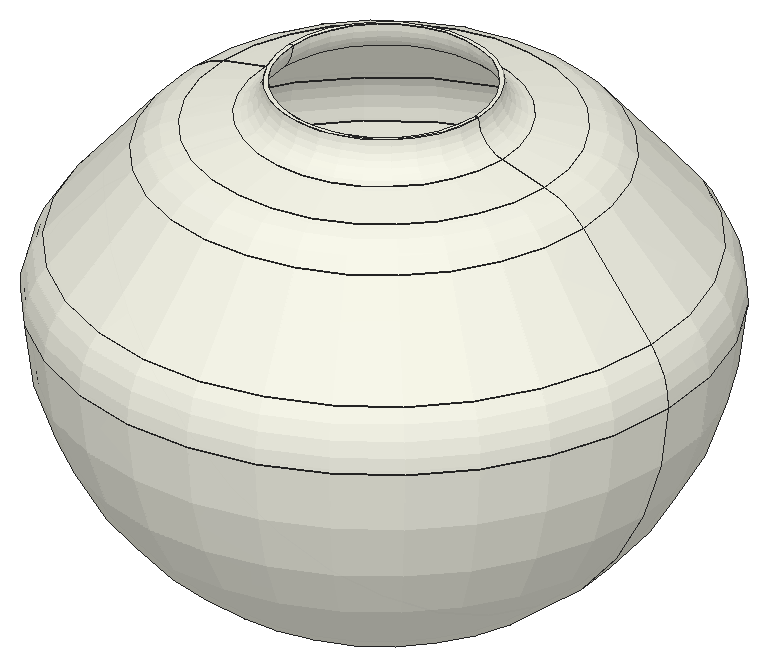
Revit family "SOB14", category Generic Models, Revit 2024
Family settings
  Can host rebar = No
  Round Connector Dimension = Use Diameter
  Part Type = Normal
  Work Plane-Based = No
  Always vertical = Yes
  Cut with Voids When Loaded = No
  Maintain Annotation Orientation = No
  Shared = No
  Room Calculation Point = No
Parameters
  Default Elevation = 0' - 0"
Reference planes (in)
  plane 1 "Center (Front/Back)": y = 0
  plane 2: z = 0
  plane 3 "Center (Left/Right)": x = 0
Forms (in)
  Revolve 1, solid, material "OPAL"
    sketch origin (0, 0, 0) x (1, 0, 0) y (0, 0, 1)
      loop
        line (2.32111, 42.16907) -> (2.22733, 42.16907)
        arc (2.22733, 42.16907) -> (2.4179, 41.65444) -> (2.88388, 41.36456) r 0.84722
        line (2.88388, 41.36456) -> (3.93734, 41.12158)
        arc (3.93734, 41.12158) -> (4.42605, 40.91264) -> (4.82801, 40.5649) r 1.72584
        line (4.82801, 40.5649) -> (6.49799, 38.59419)
        arc (6.49799, 38.59419) -> (6.81422, 38.03714) -> (6.90551, 37.40312) r 1.72584
        arc (6.90551, 37.40312) -> (4.77975, 32.71168) -> (0, 30.79269) r 6.9121
        line (0, 30.79269) -> (0, 30.69894)
        arc (0, 30.69894) -> (4.84458, 32.64396) -> (6.99917, 37.39903) r 7.00585
        arc (6.99917, 37.39903) -> (6.90293, 38.06749) -> (6.56951, 38.6548) r 1.81959
        line (6.56951, 38.6548) -> (4.89953, 40.62551)
        arc (4.89953, 40.62551) -> (4.47528, 40.99243) -> (3.95944, 41.2127) r 1.81959
        line (3.95944, 41.2127) -> (2.90495, 41.45591)
        arc (2.90495, 41.45591) -> (2.49127, 41.71281) -> (2.32111, 42.16907) r 0.75347
      axis (0, 42.16907) -> (0, 30.69894)
    angle from 0 to 360
Dimensions and locks (in)
  aligned and locked: plane 2 to level
